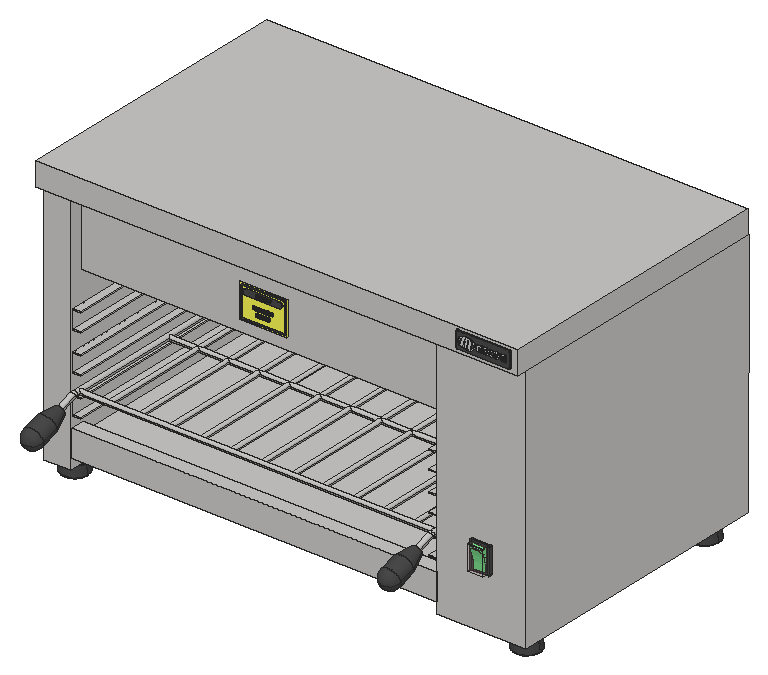
Revit family "QF_MACOM_SAL_2MA", category Equipamento especial, Revit 2020
Family settings
  Cota do conector redondo = Utilizar diâmetro
  Tipo de parte = Normal
  Número OmniClass = 23.40.40.14.17.11
  Título OmniClass = Cookers, Ovens, Stoves
  Com base no plano de trabalho = Não
  Sempre na vertical = Sim
  Corte com vazios quando carregada = Não
  Compartilhado = Não
  Ponto de cálculo do ambiente = Não
Parameters (values of type "SAL-2MA")
  Width = 711.000 mm
  Weight = 22.00 kg
  Volume = 0.13 m³
  Volts = 220 V
  URL = "https://www.acosmacom.com.br/"
  Show Logo = yes
  Modelo = "SAL-2MA"
  Height = 421.000 mm
  Fabricante = "MACOM"
  Elevação padrão = 0.000 mm
  Electric Power = 1700 W
  Elec Connection Height = 101.000 mm
  Descrição = "SALAMANDRA ELETRICA MACOM"
  Depth = 425.000 mm
  Degree of Protection = "IP 22"
  Cycle = 60 Hz
  Capacity = "01 GN 1/1"
Reference planes
  plane 1 "Center (Front/Back)": y = 0
  plane 2: z = 0
  plane 3 "Center (Left/Right)": x = 0
  plane 4: x = 711
  plane 5: y = -425
  plane 6: z = 421
  plane 7: x = 355
  plane 8: x = 670
  plane 9: x = 40
  plane 10: x = 38.5
  plane 11: x = 581.5
  plane 12: y = -215
  plane 13: z = 20
  plane 14: z = 387
  plane 15: y = -410
  plane 16: y = -392
  plane 17: y = -410
Forms (mm)
  Extrusion 1, solid, material "QF_Stainless-Polished"
    sketch origin (0, 0, 19.409) x (1, 0, 0) y (0, 0, 1)
      loop
        line (40, 72) -> (53, 72) -> (53, 73.5) -> (41.5, 73.5) -> (41.5, 98.5) -> (53, 98.5) -> (53, 100) -> (40, 100) -> (40, 72)
    from 20.5 to 408.5
  Extrusion 2, solid, material "QF_Stainless-Polished"
    sketch origin (0, 0, 76.409) x (1, 0, 0) y (0, 0, 1)
      loop
        line (40, 72) -> (53, 72) -> (53, 73.5) -> (41.5, 73.5) -> (41.5, 98.5) -> (53, 98.5) -> (53, 100) -> (40, 100) -> (40, 72)
    from 20.5 to 408.5
  Extrusion 3, solid, material "QF_Stainless-Polished"
    sketch origin (0, 0, 133.409) x (1, 0, 0) y (0, 0, 1)
      loop
        line (40, 72) -> (53, 72) -> (53, 73.5) -> (41.5, 73.5) -> (41.5, 98.5) -> (53, 98.5) -> (53, 100) -> (40, 100) -> (40, 72)
    from 20.5 to 408.5
  Extrusion 4, solid, material "QF_Stainless-Polished"
    sketch origin (620, 0, 19.409) x (-1, 0, 0) y (0, 0, -1)
      loop
        line (40, -72) -> (40, -100) -> (53, -100) -> (53, -98.5) -> (41.5, -98.5) -> (41.5, -73.5) -> (53, -73.5) -> (53, -72) -> (40, -72)
    from 20.5 to 408.5
  Extrusion 5, solid, material "QF_Stainless-Polished"
    sketch origin (620, 0, 76.409) x (-1, 0, 0) y (0, 0, -1)
      loop
        line (40, -72) -> (40, -100) -> (53, -100) -> (53, -98.5) -> (41.5, -98.5) -> (41.5, -73.5) -> (53, -73.5) -> (53, -72) -> (40, -72)
    from 20.5 to 408.5
  Extrusion 6, solid, material "QF_Stainless-Polished"
    sketch origin (620, 0, 133.409) x (-1, 0, 0) y (0, 0, -1)
      loop
        line (40, -72) -> (40, -100) -> (53, -100) -> (53, -98.5) -> (41.5, -98.5) -> (41.5, -73.5) -> (53, -73.5) -> (53, -72) -> (40, -72)
    from 20.5 to 408.5
  Extrusion 7, solid, material "QF_Metal_Stainless Steel"
    sketch origin (0, 0, 0) x (0, 1, 0) y (0, 0, 1)
      loop
        line (0, 387) -> (-410, 387) -> (-410, 20) -> (0, 20) -> (0, 387)
    from 0 to 40
  Extrusion 8, solid, material "QF_Metal_Stainless Steel"
    sketch origin (0, 0, 0) x (0, 1, 0) y (0, 0, 1)
      loop
        line (0, 387) -> (0, 421) -> (-425, 421) -> (-425, 387) -> (0, 387)
    from 0 to 711
  Extrusion 9, solid, material "QF_Metal_Stainless Steel"
    sketch origin (711, 0, 0) x (0, 1, 0) y (0, 0, 1)
      loop
        line (0, 387) -> (-410, 387) -> (-410, 20) -> (0, 20) -> (0, 387)
    from 0 to -41
  Extrusion 10, solid, material "QF_Metal_Stainless Steel"
    sketch origin (670, 0, 0) x (0, -1, 0) y (0, 0, 1)
      loop
        line (15, 387) -> (15, 20) -> (410, 20) -> (410, 387) -> (15, 387)
    from 0 to 90
  Extrusion 11, solid, material "QF_Metal_Stainless Steel"
    sketch origin (580, 0, 0) x (0, -1, 0) y (0, 0, 1)
      loop
        line (15, 36) -> (410, 36) -> (410, 76) -> (390, 76) -> (390, 62) -> (15, 62) -> (15, 36)
    from 0 to 540
  Extrusion 12, solid, material "QF_Metal_Stainless Steel"
    sketch origin (0, 0, 0) x (0, 1, 0) y (0, 0, 1)
      loop
        line (-15, 387) -> (-20.5, 387) -> (-20.5, 36) -> (-15, 36) -> (-15, 387)
    from 40 to 670
  Extrusion 13, solid, material "QF_Metal_Stainless Steel"
    sketch origin (0, 0, 0) x (0, 1, 0) y (0, 0, 1)
      loop
        line (-392, 387) -> (-392, 277.678) -> (-352.822, 277.678) -> (-276.632, 353.868) -> (-169.632, 353.868) -> (-94.186, 278.421) -> (-20.5, 278.421) -> (-20.5, 387) -> (-392, 387)
    from 40 to 580
  Extrusion 14, solid, material "QF_Stainless-Polished"
    sketch origin (711, 0, 20) x (0, 0, 1) y (1, 0, 0)
      loop
        circle (101, -21) r 9.525
    from 0 to 6.35
Cuts and joins
  joined: Extrusion 4, Extrusion 5, Extrusion 6
  joined: Extrusion 9, Extrusion 10, Extrusion 12
Lines and regions (mm)
  symbolic lines
    curve 1: line (0, 0, 0) -> (711, 0, 0)
    curve 2: line (0, -425, 0) -> (0, 0, 0)
    curve 3: line (711, -425, 0) -> (0, -425, 0)
    curve 4: line (711, 0, 0) -> (711, -425, 0)
    curve 5: line (66.5, -149, 0) -> (558, -149, 0)
    curve 6: line (66.5, -254, 0) -> (66.5, -149, 0)
    curve 7: line (558, -254, 0) -> (66.5, -254, 0)
    curve 8: line (558, -149, 0) -> (558, -254, 0)
    curve 9: line (80.5, -161.5, 0) -> (85.5, -161.5, 0)
    curve 10: line (80.5, -241.5, 0) -> (80.5, -161.5, 0)
    curve 11: line (85.5, -241.5, 0) -> (80.5, -241.5, 0)
    curve 12: line (85.5, -161.5, 0) -> (85.5, -241.5, 0)
    curve 13: line (90.5, -161.5, 0) -> (95.5, -161.5, 0)
    curve 14: line (90.5, -241.5, 0) -> (90.5, -161.5, 0)
    curve 15: line (95.5, -241.5, 0) -> (90.5, -241.5, 0)
    curve 16: line (95.5, -161.5, 0) -> (95.5, -241.5, 0)
    curve 17: line (100.5, -161.5, 0) -> (105.5, -161.5, 0)
    curve 18: line (100.5, -241.5, 0) -> (100.5, -161.5, 0)
    curve 19: line (105.5, -241.5, 0) -> (100.5, -241.5, 0)
    curve 20: line (105.5, -161.5, 0) -> (105.5, -241.5, 0)
    curve 21: line (110.5, -161.5, 0) -> (115.5, -161.5, 0)
    curve 22: line (110.5, -241.5, 0) -> (110.5, -161.5, 0)
    curve 23: line (115.5, -241.5, 0) -> (110.5, -241.5, 0)
    curve 24: line (115.5, -161.5, 0) -> (115.5, -241.5, 0)
    curve 25: line (120.5, -161.5, 0) -> (125.5, -161.5, 0)
    curve 26: line (120.5, -241.5, 0) -> (120.5, -161.5, 0)
    curve 27: line (125.5, -241.5, 0) -> (120.5, -241.5, 0)
    curve 28: line (125.5, -161.5, 0) -> (125.5, -241.5, 0)
    curve 29: line (140.5, -161.5, 0) -> (145.5, -161.5, 0)
    curve 30: line (140.5, -241.5, 0) -> (140.5, -161.5, 0)
    curve 31: line (145.5, -241.5, 0) -> (140.5, -241.5, 0)
    curve 32: line (145.5, -161.5, 0) -> (145.5, -241.5, 0)
    curve 33: line (150.5, -161.5, 0) -> (155.5, -161.5, 0)
    curve 34: line (150.5, -241.5, 0) -> (150.5, -161.5, 0)
    curve 35: line (155.5, -241.5, 0) -> (150.5, -241.5, 0)
    curve 36: line (155.5, -161.5, 0) -> (155.5, -241.5, 0)
    curve 37: line (160.5, -161.5, 0) -> (165.5, -161.5, 0)
    curve 38: line (160.5, -241.5, 0) -> (160.5, -161.5, 0)
    curve 39: line (165.5, -241.5, 0) -> (160.5, -241.5, 0)
    curve 40: line (165.5, -161.5, 0) -> (165.5, -241.5, 0)
    curve 41: line (170.5, -161.5, 0) -> (175.5, -161.5, 0)
    curve 42: line (170.5, -241.5, 0) -> (170.5, -161.5, 0)
    curve 43: line (175.5, -241.5, 0) -> (170.5, -241.5, 0)
    curve 44: line (175.5, -161.5, 0) -> (175.5, -241.5, 0)
    curve 45: line (180.5, -161.5, 0) -> (185.5, -161.5, 0)
    curve 46: line (180.5, -241.5, 0) -> (180.5, -161.5, 0)
    curve 47: line (185.5, -241.5, 0) -> (180.5, -241.5, 0)
    curve 48: line (185.5, -161.5, 0) -> (185.5, -241.5, 0)
    curve 49: line (190.5, -161.5, 0) -> (195.5, -161.5, 0)
    curve 50: line (190.5, -241.5, 0) -> (190.5, -161.5, 0)
    curve 51: line (195.5, -241.5, 0) -> (190.5, -241.5, 0)
    curve 52: line (195.5, -161.5, 0) -> (195.5, -241.5, 0)
    curve 53: line (200.5, -161.5, 0) -> (205.5, -161.5, 0)
    curve 54: line (200.5, -241.5, 0) -> (200.5, -161.5, 0)
    curve 55: line (205.5, -241.5, 0) -> (200.5, -241.5, 0)
    curve 56: line (205.5, -161.5, 0) -> (205.5, -241.5, 0)
    curve 57: line (210.5, -161.5, 0) -> (215.5, -161.5, 0)
    curve 58: line (210.5, -241.5, 0) -> (210.5, -161.5, 0)
    curve 59: line (215.5, -241.5, 0) -> (210.5, -241.5, 0)
    curve 60: line (215.5, -161.5, 0) -> (215.5, -241.5, 0)
    curve 61: line (220.5, -161.5, 0) -> (225.5, -161.5, 0)
    curve 62: line (220.5, -241.5, 0) -> (220.5, -161.5, 0)
    curve 63: line (225.5, -241.5, 0) -> (220.5, -241.5, 0)
    curve 64: line (225.5, -161.5, 0) -> (225.5, -241.5, 0)
    curve 65: line (230.5, -161.5, 0) -> (235.5, -161.5, 0)
    curve 66: line (230.5, -241.5, 0) -> (230.5, -161.5, 0)
    curve 67: line (235.5, -241.5, 0) -> (230.5, -241.5, 0)
    curve 68: line (235.5, -161.5, 0) -> (235.5, -241.5, 0)
    curve 69: line (240.5, -161.5, 0) -> (245.5, -161.5, 0)
    curve 70: line (240.5, -241.5, 0) -> (240.5, -161.5, 0)
    curve 71: line (245.5, -241.5, 0) -> (240.5, -241.5, 0)
    curve 72: line (245.5, -161.5, 0) -> (245.5, -241.5, 0)
    curve 73: line (250.5, -161.5, 0) -> (255.5, -161.5, 0)
    curve 74: line (250.5, -241.5, 0) -> (250.5, -161.5, 0)
    curve 75: line (255.5, -241.5, 0) -> (250.5, -241.5, 0)
    curve 76: line (255.5, -161.5, 0) -> (255.5, -241.5, 0)
    curve 77: line (260.5, -161.5, 0) -> (265.5, -161.5, 0)
    curve 78: line (260.5, -241.5, 0) -> (260.5, -161.5, 0)
    curve 79: line (265.5, -241.5, 0) -> (260.5, -241.5, 0)
    curve 80: line (265.5, -161.5, 0) -> (265.5, -241.5, 0)
    curve 81: line (270.5, -161.5, 0) -> (275.5, -161.5, 0)
    curve 82: line (270.5, -241.5, 0) -> (270.5, -161.5, 0)
    curve 83: line (275.5, -241.5, 0) -> (270.5, -241.5, 0)
    curve 84: line (275.5, -161.5, 0) -> (275.5, -241.5, 0)
    curve 85: line (280.5, -161.5, 0) -> (285.5, -161.5, 0)
    curve 86: line (280.5, -241.5, 0) -> (280.5, -161.5, 0)
    curve 87: line (285.5, -241.5, 0) -> (280.5, -241.5, 0)
    curve 88: line (285.5, -161.5, 0) -> (285.5, -241.5, 0)
    curve 89: line (290.5, -161.5, 0) -> (295.5, -161.5, 0)
    curve 90: line (290.5, -241.5, 0) -> (290.5, -161.5, 0)
    curve 91: line (295.5, -241.5, 0) -> (290.5, -241.5, 0)
    curve 92: line (295.5, -161.5, 0) -> (295.5, -241.5, 0)
    curve 93: line (300.5, -161.5, 0) -> (305.5, -161.5, 0)
    curve 94: line (300.5, -241.5, 0) -> (300.5, -161.5, 0)
    curve 95: line (305.5, -241.5, 0) -> (300.5, -241.5, 0)
    curve 96: line (305.5, -161.5, 0) -> (305.5, -241.5, 0)
    curve 97: line (310.5, -161.5, 0) -> (315.5, -161.5, 0)
    curve 98: line (310.5, -241.5, 0) -> (310.5, -161.5, 0)
    curve 99: line (315.5, -241.5, 0) -> (310.5, -241.5, 0)
    curve 100: line (315.5, -161.5, 0) -> (315.5, -241.5, 0)
    curve 101: line (320.5, -161.5, 0) -> (325.5, -161.5, 0)
    curve 102: line (320.5, -241.5, 0) -> (320.5, -161.5, 0)
    curve 103: line (325.5, -241.5, 0) -> (320.5, -241.5, 0)
    curve 104: line (325.5, -161.5, 0) -> (325.5, -241.5, 0)
    curve 105: line (330.5, -161.5, 0) -> (335.5, -161.5, 0)
    curve 106: line (330.5, -241.5, 0) -> (330.5, -161.5, 0)
    curve 107: line (335.5, -241.5, 0) -> (330.5, -241.5, 0)
    curve 108: line (335.5, -161.5, 0) -> (335.5, -241.5, 0)
    curve 109: line (340.5, -161.5, 0) -> (345.5, -161.5, 0)
    curve 110: line (340.5, -241.5, 0) -> (340.5, -161.5, 0)
    curve 111: line (345.5, -241.5, 0) -> (340.5, -241.5, 0)
    curve 112: line (345.5, -161.5, 0) -> (345.5, -241.5, 0)
    curve 113: line (350.5, -161.5, 0) -> (354.5, -161.5, 0)
    curve 114: line (350.5, -241.5, 0) -> (350.5, -161.5, 0)
    curve 115: line (354.5, -241.5, 0) -> (350.5, -241.5, 0)
    curve 116: line (354.5, -161.5, 0) -> (354.5, -241.5, 0)
    curve 117: line (359.5, -161.5, 0) -> (364.5, -161.5, 0)
    curve 118: line (359.5, -241.5, 0) -> (359.5, -161.5, 0)
    curve 119: line (364.5, -241.5, 0) -> (359.5, -241.5, 0)
    curve 120: line (364.5, -161.5, 0) -> (364.5, -241.5, 0)
    curve 121: line (369.5, -161.5, 0) -> (374.5, -161.5, 0)
    curve 122: line (369.5, -241.5, 0) -> (369.5, -161.5, 0)
    curve 123: line (374.5, -241.5, 0) -> (369.5, -241.5, 0)
    curve 124: line (374.5, -161.5, 0) -> (374.5, -241.5, 0)
    curve 125: line (379.5, -161.5, 0) -> (384.5, -161.5, 0)
    curve 126: line (379.5, -241.5, 0) -> (379.5, -161.5, 0)
    curve 127: line (384.5, -241.5, 0) -> (379.5, -241.5, 0)
    curve 128: line (384.5, -161.5, 0) -> (384.5, -241.5, 0)
    curve 129: line (389.5, -161.5, 0) -> (394.5, -161.5, 0)
    curve 130: line (389.5, -241.5, 0) -> (389.5, -161.5, 0)
    curve 131: line (394.5, -241.5, 0) -> (389.5, -241.5, 0)
    curve 132: line (394.5, -161.5, 0) -> (394.5, -241.5, 0)
    curve 133: line (399.5, -161.5, 0) -> (404.5, -161.5, 0)
    curve 134: line (399.5, -241.5, 0) -> (399.5, -161.5, 0)
    curve 135: line (404.5, -241.5, 0) -> (399.5, -241.5, 0)
    curve 136: line (404.5, -161.5, 0) -> (404.5, -241.5, 0)
    curve 137: line (409.5, -161.5, 0) -> (414.5, -161.5, 0)
    curve 138: line (409.5, -241.5, 0) -> (409.5, -161.5, 0)
    curve 139: line (414.5, -241.5, 0) -> (409.5, -241.5, 0)
    curve 140: line (414.5, -161.5, 0) -> (414.5, -241.5, 0)
    curve 141: line (419.5, -161.5, 0) -> (424.5, -161.5, 0)
    curve 142: line (419.5, -241.5, 0) -> (419.5, -161.5, 0)
    curve 143: line (424.5, -241.5, 0) -> (419.5, -241.5, 0)
    curve 144: line (424.5, -161.5, 0) -> (424.5, -241.5, 0)
    curve 145: line (429.5, -161.5, 0) -> (434.5, -161.5, 0)
    curve 146: line (429.5, -241.5, 0) -> (429.5, -161.5, 0)
    curve 147: line (434.5, -241.5, 0) -> (429.5, -241.5, 0)
    curve 148: line (434.5, -161.5, 0) -> (434.5, -241.5, 0)
    curve 149: line (439.5, -161.5, 0) -> (444.5, -161.5, 0)
    curve 150: line (439.5, -241.5, 0) -> (439.5, -161.5, 0)
    curve 151: line (444.5, -241.5, 0) -> (439.5, -241.5, 0)
    curve 152: line (444.5, -161.5, 0) -> (444.5, -241.5, 0)
    curve 153: line (449.5, -161.5, 0) -> (454.5, -161.5, 0)
    curve 154: line (449.5, -241.5, 0) -> (449.5, -161.5, 0)
    curve 155: line (454.5, -241.5, 0) -> (449.5, -241.5, 0)
    curve 156: line (454.5, -161.5, 0) -> (454.5, -241.5, 0)
    curve 157: line (459.5, -161.5, 0) -> (464.5, -161.5, 0)
    curve 158: line (459.5, -241.5, 0) -> (459.5, -161.5, 0)
    curve 159: line (464.5, -241.5, 0) -> (459.5, -241.5, 0)
    curve 160: line (464.5, -161.5, 0) -> (464.5, -241.5, 0)
    curve 161: line (469.5, -161.5, 0) -> (474.5, -161.5, 0)
    curve 162: line (469.5, -241.5, 0) -> (469.5, -161.5, 0)
    curve 163: line (474.5, -241.5, 0) -> (469.5, -241.5, 0)
    curve 164: line (474.5, -161.5, 0) -> (474.5, -241.5, 0)
    curve 165: line (479.5, -161.5, 0) -> (484.5, -161.5, 0)
    curve 166: line (479.5, -241.5, 0) -> (479.5, -161.5, 0)
    curve 167: line (484.5, -241.5, 0) -> (479.5, -241.5, 0)
    curve 168: line (484.5, -161.5, 0) -> (484.5, -241.5, 0)
    curve 169: line (489.5, -161.5, 0) -> (494.5, -161.5, 0)
    curve 170: line (489.5, -241.5, 0) -> (489.5, -161.5, 0)
    curve 171: line (494.5, -241.5, 0) -> (489.5, -241.5, 0)
    curve 172: line (494.5, -161.5, 0) -> (494.5, -241.5, 0)
    curve 173: line (499.5, -161.5, 0) -> (504.5, -161.5, 0)
    curve 174: line (499.5, -241.5, 0) -> (499.5, -161.5, 0)
    curve 175: line (504.5, -241.5, 0) -> (499.5, -241.5, 0)
    curve 176: line (504.5, -161.5, 0) -> (504.5, -241.5, 0)
    curve 177: line (509.5, -161.5, 0) -> (514.5, -161.5, 0)
    curve 178: line (509.5, -241.5, 0) -> (509.5, -161.5, 0)
    curve 179: line (514.5, -241.5, 0) -> (509.5, -241.5, 0)
    curve 180: line (514.5, -161.5, 0) -> (514.5, -241.5, 0)
    curve 181: line (519.5, -161.5, 0) -> (524.5, -161.5, 0)
    curve 182: line (519.5, -241.5, 0) -> (519.5, -161.5, 0)
    curve 183: line (524.5, -241.5, 0) -> (519.5, -241.5, 0)
    curve 184: line (524.5, -161.5, 0) -> (524.5, -241.5, 0)
    curve 185: line (529.5, -161.5, 0) -> (534.5, -161.5, 0)
    curve 186: line (529.5, -241.5, 0) -> (529.5, -161.5, 0)
    curve 187: line (534.5, -241.5, 0) -> (529.5, -241.5, 0)
    curve 188: line (534.5, -161.5, 0) -> (534.5, -241.5, 0)
    curve 189: line (539.5, -161.5, 0) -> (544.5, -161.5, 0)
    curve 190: line (539.5, -241.5, 0) -> (539.5, -161.5, 0)
    curve 191: line (544.5, -241.5, 0) -> (539.5, -241.5, 0)
    curve 192: line (544.5, -161.5, 0) -> (544.5, -241.5, 0)
    curve 193: line (130.5, -161.5, 0) -> (135.5, -161.5, 0)
    curve 194: line (130.5, -241.5, 0) -> (130.5, -161.5, 0)
    curve 195: line (135.5, -241.5, 0) -> (130.5, -241.5, 0)
    curve 196: line (135.5, -161.5, 0) -> (135.5, -241.5, 0)
Dimensions and locks
  "Height": plane 6 to level
  level to plane 13 = 20.000 mm
  plane 14 to plane 6 = 34.000 mm
  plane 1 "Center (Front/Back)" to Extrusion 10 sketch curve = 15.000 mm
  locked: plane 13 to Extrusion 11 sketch curve at 16
  locked: Extrusion 11 sketch curve to Extrusion 11 sketch curve at 40
  locked: plane 13 to Extrusion 12 sketch curve at 16
  Extrusion 9 to Extrusion 10 = 367.000 mm
  "Depth": plane 5 to plane 1 "Center (Front/Back)"
  "Width": plane 3 "Center (Left/Right)" to plane 4
  "Elec Connection Height": plane 13 to Extrusion 14 sketch curve
  locked: plane 4 to Extrusion 14 sketch curve at 21
  plane 14 to nested 2 = 5.000 mm
  plane 4 to nested 2 = 10.000 mm
  aligned and locked: level to plane 2
  aligned and locked: Extrusion 7 sketch curve to plane 1 "Center (Front/Back)"
  aligned and locked: Extrusion 7 sketch curve to plane 14
  aligned and locked: plane 15 to Extrusion 7 sketch curve
  aligned and locked: plane 13 to Extrusion 7 sketch curve
  aligned and locked: plane 9 to Extrusion 7
  aligned and locked: Extrusion 8 sketch curve to plane 6
  aligned and locked: plane 5 to Extrusion 8 sketch curve
  aligned and locked: plane 4 to Extrusion 8
  aligned and locked: Extrusion 8 to plane 3 "Center (Left/Right)"
  aligned and locked: plane 8 to Extrusion 9
  aligned and locked: Extrusion 9 to plane 14
  aligned and locked: Extrusion 9 to plane 1 "Center (Front/Back)"
  aligned and locked: plane 15 to Extrusion 9 sketch curve
  aligned and locked: plane 13 to Extrusion 9 sketch curve
  aligned and locked: Extrusion 10 sketch curve to plane 15
  aligned and locked: Extrusion 10 sketch curve to plane 13
  aligned and locked: plane 14 to Extrusion 10 sketch curve
  aligned and locked: Extrusion 11 sketch curve to plane 15
  aligned and locked: cut or joined group of Extrusion 9, Extrusion 10, Extrusion 12 to Extrusion 11 sketch curve
  aligned and locked: Extrusion 11 to plane 9
  aligned and locked: Extrusion 11 to cut or joined group of Extrusion 4, Extrusion 5, Extrusion 6
  aligned and locked: cut or joined group of Extrusion 9, Extrusion 10, Extrusion 12 to Extrusion 12 sketch curve
  aligned and locked: plane 14 to Extrusion 12 sketch curve
  aligned and locked: Extrusion 12 to plane 9
  aligned and locked: Extrusion 12 to plane 8
  aligned and locked: Extrusion 13 to plane 9
  aligned and locked: plane 16 to nested 3
  aligned and locked: plane 16 to Extrusion 13
  aligned and locked: Extrusion 1 to cut or joined group of Extrusion 9, Extrusion 10, Extrusion 12
  aligned and locked: Extrusion 4 to Extrusion 1
  aligned and locked: Extrusion 2 to cut or joined group of Extrusion 9, Extrusion 10, Extrusion 12
  aligned and locked: Extrusion 5 to Extrusion 2
  aligned and locked: Extrusion 3 to Extrusion 2
  aligned and locked: Extrusion 6 to Extrusion 2
  aligned and locked: curve 1 to Extrusion 8
  aligned and locked: curve 2 to Extrusion 8
  aligned and locked: curve 3 to Extrusion 8
  aligned and locked: curve 4 to Extrusion 8
Automatic sketch dimensions
  curve 21 to curve 26 = 5.000 mm
  curve 25 to curve 28 = 5.000 mm
  curve 27 to curve 195 = 5.000 mm
  curve 193 to curve 193 = 5.000 mm
  curve 195 to curve 31 = 5.000 mm
  curve 30 to curve 31 = 5.000 mm
  curve 29 to curve 33 = 5.000 mm
  curve 33 to curve 33 = 5.000 mm
  curve 33 to curve 37 = 5.000 mm
  curve 37 to curve 37 = 5.000 mm
  curve 37 to curve 41 = 5.000 mm
  curve 41 to curve 41 = 5.000 mm
  curve 41 to curve 45 = 5.000 mm
  curve 45 to curve 45 = 5.000 mm
  curve 45 to curve 49 = 5.000 mm
  curve 49 to curve 49 = 5.000 mm
  curve 49 to curve 53 = 5.000 mm
  curve 53 to curve 53 = 5.000 mm
  curve 53 to curve 57 = 5.000 mm
  curve 57 to curve 57 = 5.000 mm
  curve 57 to curve 61 = 5.000 mm
  curve 61 to curve 61 = 5.000 mm
  curve 63 to curve 67 = 5.000 mm
  curve 66 to curve 67 = 5.000 mm
  curve 65 to curve 69 = 5.000 mm
  curve 69 to curve 69 = 5.000 mm
  curve 69 to curve 73 = 5.000 mm
  curve 73 to curve 73 = 5.000 mm
  curve 73 to curve 77 = 5.000 mm
  curve 77 to curve 77 = 5.000 mm
  curve 77 to curve 81 = 5.000 mm
  curve 81 to curve 81 = 5.000 mm
  curve 81 to curve 85 = 5.000 mm
  curve 85 to curve 85 = 5.000 mm
  curve 85 to curve 89 = 5.000 mm
  curve 89 to curve 89 = 5.000 mm
  curve 89 to curve 93 = 5.000 mm
  curve 93 to curve 93 = 5.000 mm
  curve 93 to curve 97 = 5.000 mm
  curve 97 to curve 97 = 5.000 mm
  curve 99 to curve 103 = 5.000 mm
  curve 102 to curve 103 = 5.000 mm
  curve 103 to curve 107 = 5.000 mm
  curve 106 to curve 107 = 5.000 mm
  curve 107 to curve 111 = 5.000 mm
  curve 110 to curve 111 = 5.000 mm
  curve 109 to curve 113 = 5.000 mm
  curve 113 to plane 7 = 0.500 mm
  plane 7 to curve 117 = 4.500 mm
  curve 117 to curve 117 = 5.000 mm
  curve 117 to curve 121 = 5.000 mm
  curve 121 to curve 121 = 5.000 mm
  curve 121 to curve 125 = 5.000 mm
  curve 125 to curve 125 = 5.000 mm
  curve 125 to curve 129 = 5.000 mm
  curve 129 to curve 129 = 5.000 mm
  curve 131 to curve 135 = 5.000 mm
  curve 134 to curve 135 = 5.000 mm
  curve 133 to curve 137 = 5.000 mm
  curve 137 to curve 137 = 5.000 mm
  curve 137 to curve 141 = 5.000 mm
  curve 141 to curve 141 = 5.000 mm
  curve 141 to curve 145 = 5.000 mm
  curve 145 to curve 145 = 5.000 mm
  curve 145 to curve 149 = 5.000 mm
  curve 149 to curve 149 = 5.000 mm
  curve 149 to curve 153 = 5.000 mm
  curve 153 to curve 153 = 5.000 mm
  curve 155 to curve 159 = 5.000 mm
  curve 158 to curve 159 = 5.000 mm
  curve 157 to curve 161 = 5.000 mm
  curve 161 to curve 161 = 5.000 mm
  curve 161 to curve 165 = 5.000 mm
  curve 165 to curve 165 = 5.000 mm
  curve 165 to curve 169 = 5.000 mm
  curve 169 to curve 169 = 5.000 mm
  curve 169 to curve 173 = 5.000 mm
  curve 173 to curve 173 = 5.000 mm
  curve 173 to curve 177 = 5.000 mm
  curve 177 to curve 177 = 5.000 mm
  curve 177 to curve 181 = 5.000 mm
  curve 181 to curve 181 = 5.000 mm
  curve 181 to curve 185 = 5.000 mm
  curve 186 to curve 187 = 5.000 mm
  curve 187 to curve 191 = 5.000 mm
  curve 190 to curve 191 = 5.000 mm
  curve 7 to curve 191 = 12.500 mm
  curve 23 to curve 195 = 0.000 mm
  curve 99 to plane 12 = 26.500 mm
  curve 188 to curve 190 = 0.000 mm
  curve 184 to curve 186 = 0.000 mm
  curve 180 to curve 182 = 0.000 mm
  curve 176 to curve 178 = 0.000 mm
  curve 172 to curve 174 = 0.000 mm
  curve 23 to curve 26 = 0.000 mm
  curve 168 to curve 170 = 0.000 mm
  curve 195 to curve 30 = 0.000 mm
  curve 164 to curve 166 = 0.000 mm
  curve 31 to curve 34 = 0.000 mm
  curve 160 to curve 162 = 0.000 mm
  curve 35 to curve 38 = 0.000 mm
  curve 156 to curve 158 = 0.000 mm
  curve 39 to curve 42 = 0.000 mm
  curve 152 to curve 154 = 0.000 mm
  curve 43 to curve 46 = 0.000 mm
  curve 148 to curve 150 = 0.000 mm
  curve 47 to curve 50 = 0.000 mm
  curve 144 to curve 146 = 0.000 mm
  curve 51 to curve 54 = 0.000 mm
  curve 140 to curve 142 = 0.000 mm
  curve 55 to curve 58 = 0.000 mm
  curve 136 to curve 138 = 0.000 mm
  curve 59 to curve 62 = 0.000 mm
  curve 132 to curve 134 = 0.000 mm
  curve 63 to curve 66 = 0.000 mm
  curve 128 to curve 130 = 0.000 mm
  curve 67 to curve 70 = 0.000 mm
  curve 124 to curve 126 = 0.000 mm
  curve 71 to curve 74 = 0.000 mm
  curve 120 to curve 122 = 0.000 mm
  curve 75 to curve 78 = 0.000 mm
  curve 116 to curve 118 = 0.000 mm
  curve 79 to curve 82 = 0.000 mm
  curve 112 to curve 114 = 0.000 mm
  curve 83 to curve 86 = 0.000 mm
  curve 108 to curve 110 = 0.000 mm
  curve 87 to curve 90 = 0.000 mm
  curve 104 to curve 106 = 0.000 mm
  curve 91 to curve 94 = 0.000 mm
  plane 12 to curve 98 = 53.500 mm
  curve 97 to curve 101 = 0.000 mm
  curve 96 to curve 97 = 0.000 mm
  curve 101 to curve 105 = 0.000 mm
  curve 92 to curve 93 = 0.000 mm
  curve 105 to curve 109 = 0.000 mm
  curve 88 to curve 89 = 0.000 mm
  curve 109 to curve 113 = 0.000 mm
  curve 84 to curve 85 = 0.000 mm
  curve 113 to curve 117 = 0.000 mm
  curve 80 to curve 81 = 0.000 mm
  curve 117 to curve 121 = 0.000 mm
  curve 76 to curve 77 = 0.000 mm
  curve 121 to curve 125 = 0.000 mm
  curve 72 to curve 73 = 0.000 mm
  curve 125 to curve 129 = 0.000 mm
  curve 68 to curve 69 = 0.000 mm
  curve 129 to curve 133 = 0.000 mm
  curve 64 to curve 65 = 0.000 mm
  curve 133 to curve 137 = 0.000 mm
  curve 60 to curve 61 = 0.000 mm
  curve 137 to curve 141 = 0.000 mm
  curve 56 to curve 57 = 0.000 mm
  curve 141 to curve 145 = 0.000 mm
  curve 52 to curve 53 = 0.000 mm
  curve 145 to curve 149 = 0.000 mm
  curve 48 to curve 49 = 0.000 mm
  curve 149 to curve 153 = 0.000 mm
  curve 44 to curve 45 = 0.000 mm
  curve 153 to curve 157 = 0.000 mm
  curve 40 to curve 41 = 0.000 mm
  curve 157 to curve 161 = 0.000 mm
  curve 36 to curve 37 = 0.000 mm
  curve 161 to curve 165 = 0.000 mm
  curve 32 to curve 33 = 0.000 mm
  curve 165 to curve 169 = 0.000 mm
  curve 21 to curve 28 = 0.000 mm
  curve 169 to curve 173 = 0.000 mm
  curve 173 to curve 177 = 0.000 mm
  curve 177 to curve 181 = 0.000 mm
  curve 181 to curve 185 = 0.000 mm
  curve 185 to curve 189 = 0.000 mm
  curve 196 to curve 29 = 0.000 mm
  Extrusion 1 sketch curve to plane 9 = 0.000 mm
  plane 9 to Extrusion 1 sketch curve = 1.500 mm
  Extrusion 1 sketch curve to Extrusion 1 sketch curve = 11.500 mm  (x2)
  Extrusion 1 sketch curve to plane 13 = 71.409 mm
  Extrusion 1 sketch curve to Extrusion 1 sketch curve = 1.500 mm  (x2)
  Extrusion 1 sketch curve to Extrusion 1 sketch curve = 25.000 mm
  Extrusion 2 sketch curve to plane 9 = 0.000 mm
  plane 9 to Extrusion 2 sketch curve = 1.500 mm
  Extrusion 2 sketch curve to Extrusion 2 sketch curve = 11.500 mm  (x2)
  Extrusion 2 sketch curve to plane 13 = 128.409 mm
  Extrusion 2 sketch curve to Extrusion 2 sketch curve = 1.500 mm  (x2)
  Extrusion 2 sketch curve to Extrusion 2 sketch curve = 25.000 mm
  Extrusion 3 sketch curve to plane 9 = 0.000 mm
  plane 9 to Extrusion 3 sketch curve = 1.500 mm
  Extrusion 3 sketch curve to Extrusion 3 sketch curve = 11.500 mm  (x2)
  plane 14 to Extrusion 3 sketch curve = 181.591 mm
  Extrusion 3 sketch curve to Extrusion 3 sketch curve = 1.500 mm  (x2)
  Extrusion 3 sketch curve to Extrusion 3 sketch curve = 25.000 mm
  Extrusion 4 sketch curve to plane 11 = 1.500 mm
  Extrusion 4 sketch curve to Extrusion 4 sketch curve = 1.500 mm  (x3)
  Extrusion 4 sketch curve to Extrusion 4 sketch curve = 11.500 mm  (x2)
  plane 13 to Extrusion 4 sketch curve = 71.409 mm
  Extrusion 4 sketch curve to Extrusion 4 sketch curve = 25.000 mm
  Extrusion 5 sketch curve to plane 11 = 1.500 mm
  Extrusion 5 sketch curve to Extrusion 5 sketch curve = 1.500 mm  (x3)
  Extrusion 5 sketch curve to Extrusion 5 sketch curve = 11.500 mm  (x2)
  plane 13 to Extrusion 5 sketch curve = 128.409 mm
  Extrusion 5 sketch curve to Extrusion 5 sketch curve = 25.000 mm
  Extrusion 6 sketch curve to plane 11 = 1.500 mm
  Extrusion 6 sketch curve to Extrusion 6 sketch curve = 1.500 mm  (x3)
  Extrusion 6 sketch curve to Extrusion 6 sketch curve = 11.500 mm  (x2)
  Extrusion 6 sketch curve to plane 14 = 181.591 mm
  Extrusion 6 sketch curve to Extrusion 6 sketch curve = 25.000 mm
  Extrusion 9 sketch curve to Extrusion 8 = 0.000 mm
  Extrusion 8 to Extrusion 9 sketch curve = 0.000 mm
  Extrusion 11 sketch curve to Extrusion 10 = 20.000 mm
  Extrusion 11 sketch curve to Extrusion 11 sketch curve = 26.000 mm
  Extrusion 12 sketch curve to Extrusion 12 sketch curve = 5.500 mm
  plane 14 to Extrusion 13 sketch curve = 0.000 mm
  Extrusion 13 sketch curve to plane 16 = 0.000 mm
  Extrusion 13 sketch curve to plane 16 = 39.178 mm
  Extrusion 13 sketch curve to plane 12 = 61.632 mm
  plane 12 to Extrusion 13 sketch curve = 45.368 mm
  plane 1 "Center (Front/Back)" to Extrusion 13 sketch curve = 94.186 mm
  plane 1 "Center (Front/Back)" to Extrusion 13 sketch curve = 20.500 mm
  plane 14 to Extrusion 13 sketch curve = 33.132 mm
  plane 14 to Extrusion 13 sketch curve = 108.579 mm
  Extrusion 13 sketch curve to Extrusion 13 sketch curve = 76.190 mm
  plane 9 to curve 6 = 26.500 mm
  curve 6 to curve 10 = 14.000 mm
  curve 9 to curve 12 = 5.000 mm
  curve 11 to curve 14 = 5.000 mm
  curve 13 to curve 16 = 5.000 mm
  curve 15 to curve 19 = 5.000 mm
  curve 17 to curve 20 = 5.000 mm
  curve 17 to curve 22 = 5.000 mm
  curve 21 to curve 24 = 5.000 mm
  curve 191 to curve 7 = 13.500 mm
  curve 6 to plane 12 = 39.000 mm
  curve 195 to plane 12 = 26.500 mm
  curve 6 to curve 10 = 12.500 mm
  curve 11 to curve 14 = 0.000 mm
  curve 15 to curve 18 = 0.000 mm
  curve 28 to curve 193 = 0.000 mm
  curve 20 to curve 21 = 0.000 mm
  curve 16 to curve 17 = 0.000 mm
  curve 12 to curve 13 = 0.000 mm
  curve 189 to curve 5 = 12.500 mm
  Extrusion 8 sketch curve to plane 1 "Center (Front/Back)" = 0.000 mm
  plane 14 to Extrusion 8 sketch curve = 0.000 mm
  radius of Extrusion 14 sketch curve = 9.525 mm
Nested families
  nested 1: "GRELHA_SAL" at (46.25, -413.46, 123.675), type "GRELHA_SAL", detail levels fine
  nested 2: "LOGOTIPO MACOM" at (661, -425, 392.014), visible <- "Show Logo", type "LOGOTIPO MACON"
  nested 3: "Etiqueta de aviso" at (310, -367.858, 295.098), type "Etiqueta de aviso"
  nested 4: "Pé de apoio" at (21.5, -380, -4.6), type "foot"
  nested 5: "Pé de apoio" at (21.5, -50, -4.6), type "foot"
  nested 6: "Pé de apoio" at (688.5, -380, -4.6) x (-1, 0, 0) z (0, 0, 1), type "foot"
  nested 7: "Pé de apoio" at (688.5, -50, -4.6) x (-1, 0, 0) z (0, 0, 1), type "foot"
  nested 8: "startbutton" at (646, -414, 99.115), type "startbutton"
Connectors
  electrical at (690, 6.35, 121), driven by "Volts"
    settings: on Extrusion 14, index 1, voltage 220 V, apparent load 0 VA, apparent load phase1 0 VA, apparent load phase2 0 VA, apparent load phase3 0 VA, power factor 1, load classification "Outro", number of poles 1, system type 30, power factor state 1, is connector primary yes, connector utility no, sub classification motor no, connector description ""
Definition of nested family "GRELHA_SAL"
  Parameters (values of type "GRELHA_SAL")
    Default Elevation = 0.000 mm
  Reference planes
    plane 1 "Center (Front/Back)": y = 0
    plane 2: z = 0
    plane 3 "Center (Left/Right)": x = 0
    plane 4: x = 268.5
    plane 5: y = 174
  Forms (mm)
    Sweep 1, solid
      path origin (0, 0, 0) x (0, 1, 0) y (0, 0, 1)
        loop
          line (-37.821, -13.023) -> (-1.622, -0.558)
          arc (-1.622, -0.558) -> (0.024, -0.141) -> (1.715, 0) r 10.251
          line (1.715, 0) -> (348, 0)
      profile origin (0, 174.858, 0) x (0, 0, 1) y (1, 0, 0)
        loop
          circle (0, 0) r 4
    Sweep 2, solid
      path origin (527, 0, 0) x (0, 1, 0) y (0, 0, -1)
        loop
          line (-37.821, 13.023) -> (-1.622, 0.558)
          arc (-1.622, 0.558) -> (0.024, 0.141) -> (1.715, 0) r 10.251
          line (1.715, 0) -> (348, 0)
      profile origin (527, 174.858, 0) x (0, 0, -1) y (-1, 0, 0)
        loop
          circle (0, 0) r 4
    Extrusion 3, solid
      sketch origin (0, 0, 0) x (0, 1, 0) y (0, 0, 1)
        loop
          circle (10, 0) r 3.5
        loop
          circle (174, 0) r 3.5
      from -1.019 to 527
    Extrusion 4, solid
      sketch origin (0, 0, 0) x (1, 0, 0) y (0, 0, 1)
        loop
          circle (45, 0) r 3.2
        loop
          circle (90, 0) r 3.2
        loop
          circle (135, 0) r 3.2
        loop
          circle (180, 0) r 3.2
        loop
          circle (225, 0) r 3.2
        loop
          circle (270, 0) r 3.2
        loop
          circle (315, 0) r 3.2
        loop
          circle (360, 0) r 3.2
        loop
          circle (405, 0) r 3.2
        loop
          circle (450, 0) r 3.2
        loop
          circle (495, 0) r 3.2
      from -9.148 to -348
  Cuts and joins
    joined: Sweep 1, Sweep 2, Extrusion 3, Extrusion 4
  Dimensions and locks
    aligned and locked: level to plane 2
  Nested families
    nested 1: "PUXADOR_GRELHA_SAL" at (0, -26.191, -9.99) x (1, 0, 0) z (0, -0.9563, -0.2924), type "PUXADOR_GRELHA_SAL"
    nested 2: "PUXADOR_GRELHA_SAL" at (527, -26.191, -9.99) x (-1, 0, 0) z (0, -0.9563, -0.2924), type "PUXADOR_GRELHA_SAL"
  Definition of nested family "PUXADOR_GRELHA_SAL"
    Parameters (values of type "PUXADOR_GRELHA_SAL")
      Default Elevation = 0.000 mm
    Reference planes
      plane 1 "Center (Front/Back)": y = 0
      plane 2: z = 0
      plane 3 "Center (Left/Right)": x = 0
    Forms (mm)
      Revolve 1, solid
        sketch origin (0, 0, 0) x (1, 0, 0) y (0, 0, 1)
          loop
            arc (15, 50) -> (10.607, 60.607) -> (0, 65) r 15
            line (0, 65) -> (0, 0) -> (8, 0) -> (15, 25) -> (15, 50)
          axis (0, 65) -> (0, 0)
        angle from 0 to 360
    Dimensions and locks
      aligned and locked: level to plane 2
Definition of nested family "LOGOTIPO MACOM"
  Parameters (values of type "LOGOTIPO MACOM")
    Default Elevation = 0.000 mm
  Reference planes
    plane 1 "Centro (Frente/Trás)": y = 0
    plane 2: z = 0
    plane 3 "Centro (Esquerda/Direita)": x = 0
    plane 4: z = 9.186
    plane 5: z = 16.297
    plane 6: z = 12.742
    plane 7: x = -24.005
  Forms (mm)
    Extrusion 1, solid
      sketch origin (0, 4.488, 0.011) x (1, 0, 0) y (0, 0.000061, 1)
        loop
          arc (-37.5, 25.9) -> (-39.268, 25.168) -> (-40, 23.4) r 2.5
          line (-40, 23.4) -> (-40, 2.5)
          arc (-40, 2.5) -> (-39.268, 0.732) -> (-37.5, 0) r 2.5
          line (-37.5, 0) -> (37.5, 0)
          arc (37.5, 0) -> (39.268, 0.732) -> (40, 2.5) r 2.5
          line (40, 2.5) -> (40, 23.4)
          arc (40, 23.4) -> (39.268, 25.168) -> (37.5, 25.9) r 2.5
          line (37.5, 25.9) -> (-37.5, 25.9)
      from 5.474 to 4.489
    Extrusion 2, solid
      sketch origin (0, 4.488, 0.011) x (1, 0, 0) y (0, 0.000061, 1)
        loop
          arc (-39, 3.5) -> (-38.268, 1.732) -> (-36.5, 1) r 2.5
          line (-36.5, 1) -> (36.5, 1)
          arc (36.5, 1) -> (38.268, 1.732) -> (39, 3.5) r 2.5
          line (39, 3.5) -> (39, 22.668)
          arc (39, 22.668) -> (38.268, 24.436) -> (36.5, 25.168) r 2.5
          line (36.5, 25.168) -> (-36.5, 25.168)
          arc (-36.5, 25.168) -> (-38.268, 24.436) -> (-39, 22.668) r 2.5
          line (-39, 22.668) -> (-39, 3.5)
      from 5.474 to 6.289
    Extrusion 3, solid
      sketch origin (24.652, 4.488, 0.011) x (-1, 0, 0) y (0, -0.000061, -1)
        loop
          line (32.653, -17.092) -> (32.653, -8.35) -> (30.809, -8.35) -> (30.809, -14.038)
          arc (30.809, -14.038) -> (30.194, -14.653) -> (29.579, -14.038) r 0.615
          line (29.579, -14.038) -> (29.579, -8.35) -> (27.735, -8.35) -> (27.735, -14.038)
          arc (27.735, -14.038) -> (27.12, -14.653) -> (26.506, -14.038) r 0.615
          line (26.506, -14.038) -> (26.506, -8.35) -> (24.661, -8.35) -> (24.661, -15.193)
          arc (24.661, -15.193) -> (25.218, -16.536) -> (26.561, -17.092) r 1.899
          line (26.561, -17.092) -> (32.653, -17.092)
        loop
          line (23.432, -8.347) -> (21.476, -8.347) -> (21.476, -10.838) -> (19.632, -10.838) -> (19.632, -8.347) -> (17.9, -8.347) -> (17.9, -15.248)
          arc (17.9, -15.248) -> (18.44, -16.552) -> (19.744, -17.092) r 1.844
          line (19.744, -17.092) -> (23.432, -17.092) -> (23.432, -8.347)
        loop
          line (19.744, -12.773) -> (19.744, -14.314)
          arc (19.744, -14.314) -> (19.926, -14.753) -> (20.365, -14.935) r 0.621
          line (20.365, -14.935) -> (21.588, -14.935) -> (21.588, -12.773) -> (19.744, -12.773)
        loop
          line (-1.629, -17.092) -> (-1.629, -8.35) -> (-3.474, -8.35) -> (-3.474, -14.038)
          arc (-3.474, -14.038) -> (-4.088, -14.653) -> (-4.703, -14.038) r 0.615
          line (-4.703, -14.038) -> (-4.703, -8.35) -> (-6.547, -8.35) -> (-6.547, -14.038)
          arc (-6.547, -14.038) -> (-7.162, -14.653) -> (-7.777, -14.038) r 0.615
          line (-7.777, -14.038) -> (-7.777, -8.35) -> (-9.621, -8.35) -> (-9.621, -15.193)
          arc (-9.621, -15.193) -> (-9.064, -16.536) -> (-7.721, -17.092) r 1.899
          line (-7.721, -17.092) -> (-1.629, -17.092)
        loop
          line (9.587, -17.092) -> (12.299, -17.092)
          arc (12.299, -17.092) -> (16.67, -12.721) -> (12.299, -8.35) r 4.371
          line (12.299, -8.35) -> (9.754, -8.35) -> (9.754, -10.194) -> (12.276, -10.194)
          arc (12.276, -10.194) -> (14.804, -12.721) -> (12.276, -15.248) r 2.527
          line (12.276, -15.248) -> (9.587, -15.248) -> (9.587, -17.092)
        loop
          line (56.832, -8.05) -> (55.056, -18.123)
          spline (55.056, -18.123) -> (56.262, -17.518) -> (57.317, -16.815) -> (58.199, -16.029) -> (58.892, -15.175) -> (59.381, -14.269) -> (59.658, -13.331) -> (59.715, -12.378) -> (59.552, -11.43) -> (59.173, -10.505) -> (58.585, -9.622) -> (57.799, -8.798) -> (56.832, -8.05)
        loop
          spline (53.362, -6.487) -> (53.217, -6.446) -> (53.071, -6.406) -> (52.923, -6.368) -> (52.775, -6.331) -> (52.626, -6.295) -> (52.476, -6.26) -> (52.326, -6.227) -> (52.174, -6.195) -> (52.022, -6.165) -> (51.869, -6.136) -> (51.715, -6.108) -> (51.561, -6.082)
          line (51.561, -6.082) -> (49.643, -16.962)
          arc (49.643, -16.962) -> (50.579, -17.898) -> (51.515, -16.962) r 0.936
          line (51.515, -16.962) -> (53.362, -6.487)
        loop
          spline (48.156, -5.852) -> (48, -5.857) -> (47.843, -5.863) -> (47.687, -5.871) -> (47.531, -5.88) -> (47.375, -5.89) -> (47.22, -5.902) -> (47.065, -5.915) -> (46.91, -5.929) -> (46.755, -5.945) -> (46.601, -5.962) -> (46.447, -5.981) -> (46.294, -6.001)
          line (46.294, -6.001) -> (44.358, -16.978)
          arc (44.358, -16.978) -> (45.276, -17.896) -> (46.195, -16.978) r 0.918
          line (46.195, -16.978) -> (48.156, -5.852)
        loop
          spline (42.364, -7.044) -> (41.131, -7.649) -> (40.051, -8.356) -> (39.147, -9.149) -> (38.437, -10.014) -> (37.937, -10.931) -> (37.655, -11.882) -> (37.599, -12.848) -> (37.768, -13.809) -> (38.16, -14.746) -> (38.767, -15.639) -> (39.575, -16.47) -> (40.57, -17.222)
          line (40.57, -17.222) -> (42.364, -7.044)
        loop
          spline (61.565, -12.773) -> (61.125, -10.691) -> (59.836, -8.75) -> (57.784, -7.084) -> (55.111, -5.806) -> (51.997, -5.002) -> (48.656, -4.728) -> (45.315, -5.002) -> (42.202, -5.806) -> (39.528, -7.084) -> (37.477, -8.75) -> (36.187, -10.691) -> (35.747, -12.773)
          spline (35.747, -12.773) -> (36.187, -14.855) -> (37.477, -16.795) -> (39.528, -18.461) -> (42.202, -19.74) -> (45.315, -20.544) -> (48.656, -20.818) -> (51.997, -20.544) -> (55.111, -19.74) -> (57.784, -18.461) -> (59.836, -16.795) -> (61.125, -14.855) -> (61.565, -12.773)
        loop
          circle (3.963, -12.726) r 4.377
        loop
          circle (3.963, -12.726) r 2.582
      from 6.289 to 6.977
  Dimensions and locks
    equal spacing: plane 5, plane 6, plane 4
    aligned and locked: level to plane 2
Definition of nested family "Etiqueta de aviso"
  Parameters
    Largura = 50.000 mm
    Default Elevation = 0.000 mm
    Comprimento = 70.000 mm
    Altura = 50.000 mm
  Reference planes
    plane 1 "Centro (Frente/Trás)": y = 0
    plane 2: z = 0
    plane 3 "Centro (Esquerda/Direita)": x = 0
    plane 4: x = 35
    plane 5: x = -35
    plane 6: y = 25
    plane 7: y = -25
    plane 8: z = 50
  Forms (mm)
    Extrusion 1, solid
      sketch origin (0, 0, 0) x (1, 0, 0) y (0, 1, 0)
        loop
          line (-35, -24.142) -> (-35, -25) -> (35, -25) -> (35, -24.142) -> (-35, -24.142)
      from 0 to 50
    Extrusion 2, solid
      sketch origin (0, 0, 0) x (1, 0, 0) y (0, 0, 1)
        loop
          arc (-30.219, 48) -> (-31.986, 47.268) -> (-32.719, 45.5) r 2.5
          line (-32.719, 45.5) -> (-32.719, 4.5)
          arc (-32.719, 4.5) -> (-31.986, 2.732) -> (-30.219, 2) r 2.5
          line (-30.219, 2) -> (30.5, 2)
          arc (30.5, 2) -> (32.268, 2.732) -> (33, 4.5) r 2.5
          line (33, 4.5) -> (33, 45.5)
          arc (33, 45.5) -> (32.268, 47.268) -> (30.5, 48) r 2.5
          line (30.5, 48) -> (-30.219, 48)
        loop
          line (30, 46.453) -> (-30, 46.453)
          arc (-30, 46.453) -> (-31.061, 46.013) -> (-31.5, 44.953) r 1.5
          line (-31.5, 44.953) -> (-31.5, 5)
          arc (-31.5, 5) -> (-31.061, 3.939) -> (-30, 3.5) r 1.5
          line (-30, 3.5) -> (30, 3.5)
          arc (30, 3.5) -> (31.061, 3.939) -> (31.5, 5) r 1.5
          line (31.5, 5) -> (31.5, 44.953)
          arc (31.5, 44.953) -> (31.061, 46.013) -> (30, 46.453) r 1.5
      from 24.571 to 25.756
    Extrusion 3, solid
      sketch origin (0, 0, 0) x (1, 0, 0) y (0, 0, 1)
        loop
          line (24.346, 43.953) -> (-24.404, 43.953)
          arc (-24.404, 43.953) -> (-28.788, 39.569) -> (-24.404, 35.185) r 4.384
          line (-24.404, 35.185) -> (24.346, 35.185)
          arc (24.346, 35.185) -> (28.73, 39.569) -> (24.346, 43.953) r 4.384
      from 25.756 to 26.028
    Extrusion 4, solid
      sketch origin (1.031, 0, -0.288) x (1, 0, 0) y (0, 0, 1)
        loop
          arc (-9.154, 41.496) -> (-12.024, 39.583) -> (-9.05, 37.836) r 2.035
          line (-9.05, 37.836) -> (-9.05, 38.736)
          arc (-9.05, 38.736) -> (-10.935, 39.577) -> (-9.154, 40.62) r 1.16
          line (-9.154, 40.62) -> (-9.154, 41.496)
        loop
          line (-8.741, 41.647) -> (-8.741, 38.379)
          arc (-8.741, 38.379) -> (-7.199, 37.531) -> (-5.657, 38.379) r 1.826
          line (-5.657, 38.379) -> (-5.657, 41.64) -> (-6.678, 41.64) -> (-6.678, 38.537)
          arc (-6.678, 38.537) -> (-7.192, 38.332) -> (-7.706, 38.537) r 0.746
          line (-7.706, 38.537) -> (-7.706, 41.647) -> (-8.741, 41.647)
        loop
          line (-5.049, 41.64) -> (-5.049, 37.71) -> (-4.212, 37.71) -> (-4.212, 41.64) -> (-5.049, 41.64)
        loop
          line (-3.619, 41.64) -> (-3.619, 37.71) -> (-1.512, 37.71)
          arc (-1.512, 37.71) -> (-0.377, 39.807) -> (-1.903, 41.64) r 2.127
          line (-1.903, 41.64) -> (-3.619, 41.64)
        loop
          line (-2.758, 38.274) -> (-1.683, 38.274)
          arc (-1.683, 38.274) -> (-1.16, 39.609) -> (-1.683, 40.944) r 1.966
          line (-1.683, 40.944) -> (-2.758, 40.944) -> (-2.758, 38.274)
        loop
          line (1.051, 41.666) -> (-0.468, 37.71) -> (0.519, 37.71) -> (0.699, 38.598) -> (1.978, 38.598) -> (2.249, 37.71) -> (3.132, 37.71) -> (1.922, 41.666) -> (1.051, 41.666)
        loop
          line (1.357, 40.627) -> (0.833, 39.262) -> (1.775, 39.262) -> (1.357, 40.627)
        loop
          line (3.47, 41.64) -> (3.47, 37.71) -> (5.577, 37.71)
          arc (5.577, 37.71) -> (6.713, 39.807) -> (5.186, 41.64) r 2.127
          line (5.186, 41.64) -> (3.47, 41.64)
        loop
          line (4.331, 38.274) -> (5.406, 38.274)
          arc (5.406, 38.274) -> (5.93, 39.609) -> (5.406, 40.944) r 1.966
          line (5.406, 40.944) -> (4.331, 40.944) -> (4.331, 38.274)
        loop
          circle (9.313, 39.653) r 2.074
        loop
          circle (9.313, 39.653) r 1.393
      from 25.756 to 26.028
    Extrusion 5, solid
      sketch origin (0, 0, 0) x (1, 0, 0) y (0, 0, 1)
        loop
          arc (-13.772, 24.603) -> (-14.576, 23.454) -> (-13.772, 22.306) r 1.222
          spline (-13.772, 22.306) -> (-13.421, 22.131) -> (-13.17, 21.981) -> (-13.003, 21.851) -> (-12.904, 21.735) -> (-12.857, 21.628) -> (-12.847, 21.525) -> (-12.863, 21.421) -> (-12.915, 21.322) -> (-13.021, 21.234) -> (-13.201, 21.162) -> (-13.47, 21.115) -> (-13.848, 21.097)
          line (-13.848, 21.097) -> (-14.673, 21.097) -> (-14.673, 20.178) -> (-12.228, 20.178)
          arc (-12.228, 20.178) -> (-11.642, 21.371) -> (-12.228, 22.565) r 1.507
          arc (-12.228, 22.565) -> (-12.791, 22.892) -> (-13.42, 23.064) r 2.506
          line (-13.42, 23.064) -> (-13.42, 23.855) -> (-11.85, 23.767) -> (-11.85, 24.603) -> (-13.772, 24.603)
        loop
          line (-11.419, 24.461) -> (-11.419, 21.783)
          arc (-11.419, 21.783) -> (-9.691, 20.021) -> (-7.897, 21.714) r 1.762
          line (-7.897, 21.714) -> (-7.897, 24.447)
          arc (-7.897, 24.447) -> (-8.417, 24.604) -> (-8.936, 24.447) r 0.938
          line (-8.936, 24.447) -> (-8.936, 21.534)
          arc (-8.936, 21.534) -> (-9.603, 21.048) -> (-10.27, 21.534) r 0.701
          line (-10.27, 21.534) -> (-10.27, 24.461)
          arc (-10.27, 24.461) -> (-10.845, 24.604) -> (-11.419, 24.461) r 1.225
        loop
          line (-7.487, 24.603) -> (-7.487, 20.214)
          arc (-7.487, 20.214) -> (-6.911, 20.116) -> (-6.335, 20.214) r 1.738
          line (-6.335, 20.214) -> (-6.335, 21.591)
          arc (-6.335, 21.591) -> (-4.562, 22.768) -> (-5.64, 24.603) r 1.548
          line (-5.64, 24.603) -> (-7.487, 24.603)
        loop
          line (-6.335, 23.863) -> (-6.335, 22.269)
          arc (-6.335, 22.269) -> (-5.268, 23.066) -> (-6.335, 23.863) r 0.831
        loop
          arc (-3.692, 24.603) -> (-4.117, 24.427) -> (-4.292, 24.003) r 0.6
          line (-4.292, 24.003) -> (-4.292, 20.793)
          arc (-4.292, 20.793) -> (-4.123, 20.384) -> (-3.714, 20.214) r 0.579
          line (-3.714, 20.214) -> (-1.727, 20.214) -> (-1.727, 21.176) -> (-3.279, 21.176) -> (-3.279, 22.164) -> (-1.727, 22.164) -> (-1.727, 22.986) -> (-3.279, 22.986) -> (-3.279, 23.792) -> (-1.727, 23.792) -> (-1.727, 24.603) -> (-3.692, 24.603)
        loop
          line (-1.402, 24.603) -> (-1.402, 20.255) -> (-0.551, 20.255) -> (-0.551, 21.916) -> (0.291, 21.916) -> (0.98, 20.294) -> (2.034, 20.294) -> (0.989, 22.329)
          arc (0.989, 22.329) -> (1.524, 23.566) -> (0.663, 24.603) r 1.288
          line (0.663, 24.603) -> (-1.402, 24.603)
        loop
          line (-0.473, 23.792) -> (-0.473, 22.625)
          arc (-0.473, 22.625) -> (0.495, 23.209) -> (-0.473, 23.792) r 0.66
        loop
          line (2.233, 24.603) -> (2.233, 20.217) -> (3.369, 20.217) -> (3.369, 21.916) -> (4.562, 21.916) -> (4.562, 22.724) -> (3.369, 22.724) -> (3.369, 23.792) -> (4.742, 23.792) -> (4.742, 24.603) -> (2.233, 24.603)
        loop
          line (4.996, 24.603) -> (4.996, 20.294) -> (5.908, 20.294) -> (5.908, 24.603) -> (4.996, 24.603)
        loop
          line (5.714, 25.767) -> (5.054, 24.826) -> (5.935, 24.826) -> (6.594, 25.767) -> (5.714, 25.767)
        loop
          line (8.912, 23.798) -> (9.488, 24.373)
          arc (9.488, 24.373) -> (6.127, 22.185) -> (9.828, 20.64) r 2.268
          line (9.828, 20.64) -> (9.011, 21.212)
          arc (9.011, 21.212) -> (7.012, 22.431) -> (8.912, 23.798) r 1.404
        loop
          line (10.005, 24.603) -> (10.005, 20.216) -> (10.933, 20.216) -> (10.933, 24.603) -> (10.005, 24.603)
        loop
          line (11.579, 24.603) -> (11.579, 20.216) -> (14.133, 20.216) -> (14.133, 21.084) -> (12.67, 21.084) -> (12.67, 22.193) -> (14.133, 22.193) -> (14.133, 22.984) -> (12.67, 22.984) -> (12.67, 23.792) -> (14.133, 23.792) -> (14.133, 24.603) -> (11.579, 24.603)
      from 25.756 to 25.92
    Extrusion 6, solid
      sketch origin (0, 0, 0) x (1, 0, 0) y (0, 0, 1)
        loop
          arc (-8.908, 16.021) -> (-10.976, 14.276) -> (-9.603, 11.944) r 2.097
          line (-9.603, 11.944) -> (-8.214, 11.944) -> (-7.783, 11.198)
          arc (-7.783, 11.198) -> (-7.218, 11.047) -> (-7.066, 11.612) r 0.414
          line (-7.066, 11.612) -> (-7.636, 12.599)
          arc (-7.636, 12.599) -> (-7.083, 14.752) -> (-8.908, 16.021) r 1.948
        loop
          arc (-8.992, 15.239) -> (-9.997, 13.941) -> (-8.992, 12.642) r 1.341
          arc (-8.992, 12.642) -> (-7.936, 13.941) -> (-8.992, 15.239) r 1.326
        loop
          line (-6.73, 15.945) -> (-6.73, 13.266)
          arc (-6.73, 13.266) -> (-5.003, 11.505) -> (-3.209, 13.198) r 1.762
          line (-3.209, 13.198) -> (-3.209, 15.93)
          arc (-3.209, 15.93) -> (-3.728, 16.087) -> (-4.248, 15.93) r 0.938
          line (-4.248, 15.93) -> (-4.248, 13.018)
          arc (-4.248, 13.018) -> (-4.915, 12.531) -> (-5.582, 13.018) r 0.701
          line (-5.582, 13.018) -> (-5.582, 15.945)
          arc (-5.582, 15.945) -> (-6.156, 16.088) -> (-6.73, 15.945) r 1.225
        loop
          line (-0.302, 16.116) -> (-2.268, 16.116)
          arc (-2.268, 16.116) -> (-2.692, 15.94) -> (-2.868, 15.516) r 0.6
          line (-2.868, 15.516) -> (-2.868, 12.306)
          arc (-2.868, 12.306) -> (-2.699, 11.897) -> (-2.29, 11.727) r 0.579
          line (-2.29, 11.727) -> (-0.302, 11.727) -> (-0.302, 12.689) -> (-1.855, 12.689) -> (-1.855, 13.677) -> (-0.302, 13.677) -> (-0.302, 14.5) -> (-1.855, 14.5) -> (-1.855, 15.306) -> (-0.302, 15.306) -> (-0.302, 16.116)
        loop
          line (9.87, 16.155) -> (7.904, 16.155)
          arc (7.904, 16.155) -> (7.479, 15.979) -> (7.304, 15.555) r 0.6
          line (7.304, 15.555) -> (7.304, 12.345)
          arc (7.304, 12.345) -> (7.473, 11.936) -> (7.882, 11.766) r 0.579
          line (7.882, 11.766) -> (9.87, 11.766) -> (9.87, 12.728) -> (8.317, 12.728) -> (8.317, 13.716) -> (9.87, 13.716) -> (9.87, 14.539) -> (8.317, 14.539) -> (8.317, 15.345) -> (9.87, 15.345) -> (9.87, 16.155)
        loop
          line (0.026, 16.038) -> (0.026, 11.887) -> (1.053, 11.887) -> (1.053, 15.016) -> (2.647, 11.887) -> (3.733, 11.887) -> (3.733, 16.116) -> (2.692, 16.116) -> (2.692, 13.522) -> (1.41, 16.038) -> (0.026, 16.038)
        loop
          line (3.886, 16.116) -> (3.886, 15.306) -> (5.145, 15.306) -> (5.145, 11.887) -> (6.027, 11.887) -> (6.027, 15.306) -> (7.164, 15.306) -> (7.164, 16.116) -> (3.886, 16.116)
      from 25.756 to 25.92
  Dimensions and locks
    equal spacing: plane 5, plane 3 "Centro (Esquerda/Direita)", plane 4
    equal spacing: plane 6, plane 1 "Centro (Frente/Trás)", plane 7
    "Altura": plane 8 to level
    "Comprimento": plane 5 to plane 4
    "Largura": plane 6 to plane 7
    aligned and locked: level to plane 2
    aligned and locked: plane 4 to Extrusion 1
    aligned and locked: Extrusion 1 to plane 5
    aligned and locked: plane 8 to Extrusion 1
  Automatic sketch dimensions
    Extrusion 1 sketch curve to plane 5 = 0.000 mm
    Extrusion 1 sketch curve to plane 4 = 0.000 mm
    Extrusion 1 sketch curve to plane 7 = 0.000 mm
    Extrusion 1 sketch curve to Extrusion 1 sketch curve = 0.858 mm
    plane 5 to Extrusion 2 sketch curve = 2.281 mm
    Extrusion 2 sketch curve to Extrusion 2 sketch curve = 1.219 mm
    level to Extrusion 2 sketch curve = 2.000 mm
    Extrusion 2 sketch curve to Extrusion 2 sketch curve = 1.281 mm  (x2)
    Extrusion 2 sketch curve to Extrusion 2 sketch curve = 0.219 mm  (x2)
    Extrusion 2 sketch curve to plane 4 = 5.000 mm  (x2)
    Extrusion 2 sketch curve to Extrusion 2 sketch curve = 0.500 mm  (x2)
    Extrusion 2 sketch curve to Extrusion 2 sketch curve = 1.000 mm  (x2)
    Extrusion 2 sketch curve to Extrusion 2 sketch curve = 1.500 mm
    Extrusion 2 sketch curve to plane 8 = 5.047 mm
    Extrusion 2 sketch curve to Extrusion 2 sketch curve = 0.547 mm
    Extrusion 3 sketch curve to plane 8 = 6.047 mm
    plane 5 to Extrusion 3 sketch curve = 10.596 mm
    Extrusion 3 sketch curve to plane 4 = 10.654 mm
    Extrusion 3 sketch curve to Extrusion 3 sketch curve = 4.384 mm
    Extrusion 4 sketch curve to Extrusion 4 sketch curve = 0.000 mm  (x8)
    Extrusion 4 sketch curve to plane 3 "Centro (Esquerda/Direita)" = 8.959 mm
    Extrusion 4 sketch curve to Extrusion 4 sketch curve = 0.214 mm
    Extrusion 4 sketch curve to Extrusion 4 sketch curve = 0.622 mm
    Extrusion 4 sketch curve to Extrusion 4 sketch curve = 0.726 mm
    Extrusion 4 sketch curve to Extrusion 4 sketch curve = 0.413 mm
    Extrusion 4 sketch curve to Extrusion 4 sketch curve = 0.507 mm
    Extrusion 4 sketch curve to Extrusion 4 sketch curve = 0.007 mm  (x2)
    Extrusion 4 sketch curve to Extrusion 4 sketch curve = 0.514 mm
    Extrusion 4 sketch curve to Extrusion 4 sketch curve = 1.022 mm
    Extrusion 4 sketch curve to Extrusion 4 sketch curve = 0.608 mm
    Extrusion 4 sketch curve to Extrusion 4 sketch curve = 0.837 mm
    Extrusion 4 sketch curve to Extrusion 4 sketch curve = 0.593 mm
    Extrusion 4 sketch curve to Extrusion 4 sketch curve = 0.493 mm  (x2)
    Extrusion 4 sketch curve to Extrusion 4 sketch curve = 0.861 mm  (x2)
    Extrusion 4 sketch curve to Extrusion 4 sketch curve = 0.632 mm  (x2)
    Extrusion 4 sketch curve to plane 3 "Centro (Esquerda/Direita)" = 0.872 mm
    Extrusion 4 sketch curve to plane 3 "Centro (Esquerda/Direita)" = 0.651 mm  (x2)
    Extrusion 4 sketch curve to plane 3 "Centro (Esquerda/Direita)" = 0.481 mm
    plane 3 "Centro (Esquerda/Direita)" to Extrusion 4 sketch curve = 0.563 mm
    Extrusion 4 sketch curve to Extrusion 4 sketch curve = 0.987 mm
    Extrusion 4 sketch curve to Extrusion 4 sketch curve = 0.180 mm
    Extrusion 4 sketch curve to Extrusion 4 sketch curve = 0.134 mm
    plane 3 "Centro (Esquerda/Direita)" to Extrusion 4 sketch curve = 2.082 mm
